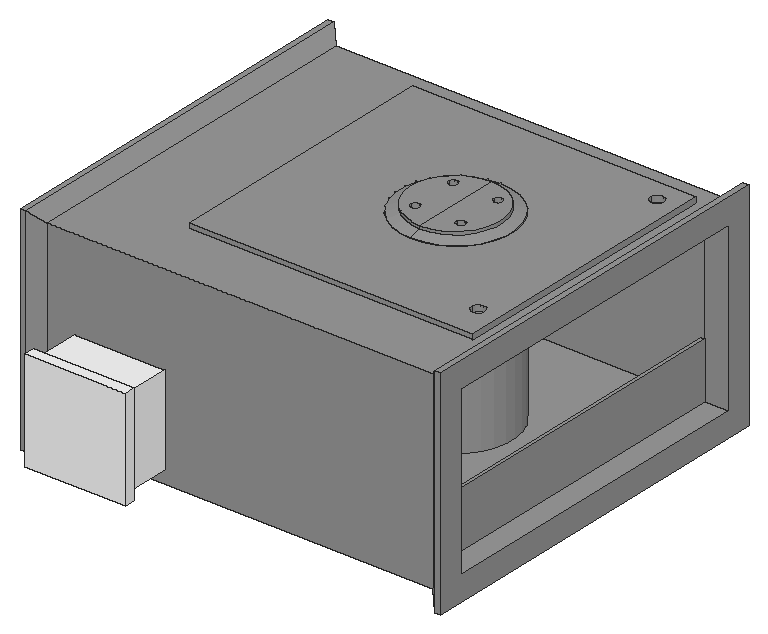
Revit family "RKB 300X150 B1 EC_7470021", category Mechanical Equipment, Revit 2014
Parameters (values of type "RKB 300X150 B1 EC")
  Wiring diagram = "4040143"
  Width = 375 mm
  Weight = 6.50 kg
  Voltage range = "200-240 V"
  Voltage = 230 V
  Speed = "3700 rpm"
  Sound pressure level at 3 m = "50 dB(A)"
  Power = 113 W
  Phase = 1
  Max. temperature of transported air when speed controlled = 60 °C
  Max. temperature of transported air = 60 °C
  Main Material = Steel, Galvanized
  Height = 193 mm
  Frequency = 50 Hz
  Elevation [instance] = 2600 mm
  Description = "UNINSULATED DUCT FANS WITH RECTANGULAR CONNECTIONS"
  Depth = 343 mm
  Current = 0.9 A
  Connector Height = 150 mm
  Connector Width = 300 mm
  Capacitor = "- μF"
Reference planes
  plane 1 "Center (Front/Back)": y = 0
  plane 2: z = 0
  plane 3 "Center (Left/Right)": x = 0
  plane 4: x = -187.5
  plane 5: x = 187.5
  plane 6: y = 171.5
  plane 7: y = -171.5
  plane 8: z = 2600
  plane 9: z = 2793
Dimensions and locks
  equal spacing: plane 4, plane 3 "Center (Left/Right)", plane 5
  "Width": plane 4 to plane 5
  equal spacing: plane 6, plane 1 "Center (Front/Back)", plane 7
  "Depth": plane 6 to plane 7
  "Elevation": plane 8 to level
  "Height": plane 9 to plane 8
  aligned and locked: level to plane 2
  aligned and locked: nested 1 to plane 1 "Center (Front/Back)"
  aligned and locked: plane 1 "Center (Front/Back)" to nested 2
  aligned and locked: plane 3 "Center (Left/Right)" to nested 2
  aligned and locked: nested 2 to plane 8
  aligned and locked: plane 3 "Center (Left/Right)" to nested 1
Nested families
  nested 1: "Flow direction symbol" at (0, 0, 0), type "Flow direction symbol"
  nested 2: "RKB" at (0, 0, 2600), type "RKB"
Connectors
  hvac at (-187.5, 0, 2696.5), driven by "Connector Height", driven by "Connector Width"
    settings: on nested 2, index 1, duct flow 0.0 L/s, flow factor 0, pres drop 0.0 Pa, loss coef 0, conn angle 0.00°, conn width 300 mm, conn height 150 mm, conn diameter 609.6 mm, duct sys type 1, conn prof type 1, flow config 0, flow direction 1, loss method 0, conn ref index -1, conn util no, is conn primary yes, conn desc ""
  hvac at (187.5, 0, 2696.5), driven by "Connector Height", driven by "Connector Width"
    settings: on nested 2, index 2, duct flow 0.0 L/s, flow factor 0, pres drop 0.0 Pa, loss coef 0, conn angle 0.00°, conn width 300 mm, conn height 150 mm, conn diameter 609.6 mm, duct sys type 3, conn prof type 1, flow config 0, flow direction 2, loss method 0, conn ref index -1, conn util no, is conn primary no, conn desc ""
  electrical at (-107.218, -211, 2661.5), driven by "Phase", driven by "Voltage", driven by "Power"
    settings: on nested 2, index 3, voltage 230 V, apparent load 0 VA, apparent load phase1 113 VA, apparent load phase2 0 VA, apparent load phase3 0 VA, power factor 1, load classification "HVAC", number of poles 1, system type 31, power factor state 1, is connector primary yes, connector utility no, sub classification motor no, connector description ""
Definition of nested family "RKB"
  Parameters (values of type "RKB")
    Width = 375 mm
    Main Material = Steel, Galvanized
    Height = 193 mm
    Description = ""
    Depth = 343 mm
    Connector Width = 300 mm
    Connector Heigth = 150 mm
  Reference planes
    plane 1 "Center (Front/Back)": y = 0
    plane 2: z = 0
    plane 3 "Center (Left/Right)": x = 0
    plane 4: x = -187.5
    plane 5: x = 187.5
    plane 6: y = 171.5
    plane 7: y = -171.5
    plane 8: z = 193
    plane 9: z = 119
    plane 10: x = 80.282
    plane 11: x = -107.218
    plane 12: z = 96.5
    plane 13: z = 171.5
    plane 14: z = 21.5
    plane 15: y = 150
    plane 16: y = -150
    plane 17: z = 61.5
    plane 18: x = 44.483
    plane 19: y = 24.017
  Forms (mm)
    Sweep 1, solid, material "Steel, Galvanized" <- "Main Material", detail levels medium+fine
      path origin (-187.5, 864.407, 1200) x (0, 1, 0) y (0, 0, 1)
        loop
          line (-692.907, -1200) -> (-692.907, -1007) -> (-1035.907, -1007) -> (-1035.907, -1200) -> (-692.907, -1200)
      profile origin (-187.5, 171.5, 96.5) x (0, -1, 0) y (1, 0, 0)
        loop
          line (22.203, 21.231) -> (16.231, 21.231) -> (0, 5) -> (0, 0) -> (22.203, 0) -> (22.203, 21.231)
    Sweep 2, solid, material "Steel, Galvanized" <- "Main Material", detail levels medium+fine
      path origin (187.5, 864.407, 1200) x (0, 1, 0) y (0, 0, 1)
        loop
          line (-692.907, -1200) -> (-692.907, -1007) -> (-1035.907, -1007) -> (-1035.907, -1200) -> (-692.907, -1200)
      profile origin (187.5, 171.5, 96.5) x (0, -1, 0) y (1, 0, 0)
        loop
          line (22.203, -21.231) -> (22.203, 0) -> (0, 0) -> (0, -5) -> (16.231, -21.231) -> (22.203, -21.231)
    Sweep 3, solid, material "Steel, Galvanized" <- "Main Material", detail levels medium+fine
      path origin (0, 0, 0) x (1, 0, 0) y (0, 1, 0)
        loop
          line (-187.5, 0) -> (187.5, 0)
      profile origin (0, 0, 0) x (0, 1, 0) y (0, 0, 1)
        loop
          line (150, 171.5) -> (-150, 171.5) -> (-150, 21.5) -> (150, 21.5) -> (150, 171.5)
        loop
          line (-161, 182.5) -> (-161, 10.5) -> (161, 10.5) -> (161, 182.5) -> (-161, 182.5)
    Revolve 4, solid, material "Steel, Galvanized" <- "Main Material", detail levels medium+fine
      sketch origin (44.843, 8.187, 1201.555) x (0, -1, 0) y (0, 0, 1)
        loop
          line (-15.321, -1182.297) -> (-15.321, -1008.555) -> (-55.321, -1008.555) -> (-55.321, -1011.183) -> (-65.321, -1014.421) -> (-65.321, -1182.297) -> (-15.321, -1182.297)
        axis (-15.321, -1008.555) -> (-15.321, -1182.297)
      angle from 0 to 360
    Sweep 5, void
      path origin (43.109, 35, 1200) x (-1, 0, 0) y (0, 0, 1)
        loop
          line (-1.25, -1029.203) -> (-1.25, -979.203)
      profile origin (44.359, 35, 195.797) x (1, 0, 0) y (0, 1, 0)
        loop
          circle (21.111, 10.128) r 4
        loop
          circle (-18.886, 10.128) r 4
        loop
          circle (21.114, -31.521) r 4
        loop
          circle (-19.222, -31.862) r 4
        loop
          circle (100.39, -111.131) r 6
        loop
          circle (100.39, 88.32) r 6
    Sweep 6, solid, material "Steel, Galvanized" <- "Main Material", detail levels coarse
      path origin (0, 0, 0) x (1, 0, 0) y (0, 1, 0)
        loop
          line (-187.5, 0) -> (187.5, 0)
      profile origin (0, 0, 0) x (0, 1, 0) y (0, 0, 1)
        loop
          line (171.5, 193) -> (-171.5, 193) -> (-171.5, 0) -> (171.5, 0) -> (171.5, 193)
    Sweep 7, solid, material "Steel, Galvanized" <- "Main Material", detail levels medium+fine
      path origin (0, 0, 0) x (0, 1, 0) y (0, 0, 1)
        loop
          line (149.297, 22.203) -> (149.297, 72.203)
      profile origin (0, 149.297, 47.203) x (0, -1, 0) y (1, 0, 0)
        loop
          line (0, -166.269) -> (298.595, -166.269) -> (298.595, -163.269) -> (0, -163.269) -> (0, -166.269)
        loop
          line (0, 166.269) -> (0, 163.269) -> (298.595, 163.269) -> (298.595, 166.269) -> (0, 166.269)
    Sweep 8, solid, material "Plastic", detail levels medium+fine
      path origin (0, -5.731, -156.959) x (1, 0, 0) y (0, 1, 0)
        loop
          line (-107.218, -155.269) -> (-107.218, -195.269)
      profile origin (-107.218, -181, -156.959) x (1, 0, 0) y (0, 0, 1)
        loop
          line (-40, 178.459) -> (40, 178.459) -> (40, 258.459) -> (-40, 258.459) -> (-40, 178.459)
    Sweep 9, solid, material "Plastic", detail levels medium+fine
      path origin (0, -5.731, 0) x (1, 0, 0) y (0, 1, 0)
        loop
          line (-107.218, -195.269) -> (-107.218, -205.269)
      profile origin (-107.218, -206, 0) x (1, 0, 0) y (0, 0, 1)
        loop
          line (-45, 106.5) -> (-45, 16.5) -> (45, 16.5) -> (45, 106.5) -> (-45, 106.5)
    Extrusion 10, solid, material "Steel, Galvanized" <- "Main Material"
      sketch origin (0, 0, 0) x (0, 1, 0) y (0, 0, 1)
        loop
          line (143.044, 181.269) -> (143.044, 187.135) -> (-105, 187.135) -> (-105, 181.269) -> (143.044, 181.269)
      from -89.23 to 163.269
  Cuts and joins
    joined: Sweep 1, Sweep 2, Sweep 3
    Sweep 5 cuts Revolve 4
    Sweep 5 cuts Extrusion 10
  Dimensions and locks
    equal spacing: plane 4, plane 3 "Center (Left/Right)", plane 5
    "Width": plane 4 to plane 5
    equal spacing: plane 6, plane 1 "Center (Front/Back)", plane 7
    "Depth": plane 6 to plane 7
    "Height": plane 8 to level
    Sweep 5 sketch curve to plane 8 to Sweep 5 sketch curve = 27.797 mm locked, 22.203 mm locked
    locked: Sweep 7 sketch curve to plane 2 at 22.203
    Sweep 7 sketch curve to Sweep 7 sketch curve = 50 mm
    locked: plane 6 to Sweep 7 sketch curve at 22.203  (x2)
    locked: plane 4 to Sweep 7 sketch curve at 21.231
    locked: Sweep 7 sketch curve to Sweep 7 sketch curve at 3  (x2)
    locked: Sweep 7 sketch curve to plane 7 at 22.203  (x2)
    locked: Sweep 7 sketch curve to plane 6 at 22.203
    locked: Sweep 7 sketch curve to plane 5 at 21.231
    Sweep 8 sketch curve to plane 7 to Sweep 8 sketch curve = 10.5 mm, 29.5 mm
    plane 7 to Sweep 9 sketch curve to Sweep 9 sketch curve = 29.5 mm, 10 mm locked
    equal spacing: plane 8, plane 12, plane 2
    "Connector Heigth": plane 13 to plane 14
    equal spacing: plane 13, plane 12, plane 14
    "Connector Width": plane 15 to plane 16
    equal spacing: plane 15, plane 1 "Center (Front/Back)", plane 16
    aligned and locked: level to plane 2
    aligned and locked: Sweep 1 sketch curve to plane 6
    aligned and locked: plane 7 to Sweep 1 sketch curve
    aligned and locked: plane 2 to Sweep 1 sketch curve
    aligned and locked: Sweep 1 sketch curve to plane 8
    aligned and locked: Sweep 2 sketch curve to plane 8
    aligned and locked: plane 2 to Sweep 2 sketch curve
    aligned and locked: plane 7 to Sweep 2 sketch curve
    aligned and locked: Sweep 2 sketch curve to plane 6
    aligned and locked: plane 1 "Center (Front/Back)" to Sweep 3 sketch curve
    aligned and locked: plane 1 "Center (Front/Back)" to Sweep 6 sketch curve
    aligned and locked: plane 2 to Sweep 6 sketch curve
    aligned and locked: plane 7 to Sweep 6 sketch curve
    aligned and locked: Sweep 6 sketch curve to plane 6
    aligned and locked: Sweep 6 sketch curve to plane 8
    aligned and locked: plane 11 to Sweep 8 sketch curve
    aligned and locked: plane 11 to Sweep 9 sketch curve
    aligned and locked: plane 14 to Sweep 3 sketch curve
    aligned and locked: plane 16 to Sweep 3 sketch curve
    aligned and locked: Sweep 3 sketch curve to plane 13
    aligned and locked: Sweep 3 sketch curve to plane 15
    aligned and locked: Sweep 8 to plane 14
  Automatic sketch dimensions
    Sweep 1 sketch curve to profile plane = 0 mm
    Sweep 1 sketch curve to plane 4 = 0 mm
    Sweep 1 sketch curve to profile plane = 16.231 mm
    Sweep 1 sketch curve to Sweep 1 sketch curve = 5.972 mm
    plane 4 to Sweep 1 sketch curve = 5 mm
    plane 4 to Sweep 1 sketch curve = 21.231 mm
    Sweep 2 sketch curve to profile plane = 0 mm
    Sweep 2 sketch curve to plane 5 = 0 mm
    Sweep 2 sketch curve to profile plane = 16.231 mm
    Sweep 2 sketch curve to Sweep 2 sketch curve = 5.972 mm
    Sweep 2 sketch curve to Sweep 2 sketch curve = 5 mm
    Sweep 2 sketch curve to Sweep 2 sketch curve = 21.231 mm
    Sweep 3 sketch curve to plane 4 = 0 mm
    Sweep 3 sketch curve to plane 5 = 0 mm
    Sweep 6 sketch curve to plane 4 = 0 mm
    Sweep 6 sketch curve to plane 5 = 0 mm
    profile plane to Sweep 8 sketch curve = 40 mm
    Sweep 8 sketch curve to profile plane = 40 mm
    level to Sweep 8 sketch curve = 21.5 mm
    Sweep 8 sketch curve to Sweep 8 sketch curve = 80 mm
    profile plane to Sweep 9 sketch curve = 45 mm
    Sweep 9 sketch curve to profile plane = 45 mm
    level to Sweep 9 sketch curve = 16.5 mm
    Sweep 9 sketch curve to Sweep 9 sketch curve = 90 mm
    plane 10 to Sweep 5 sketch curve = 35.923 mm
    profile plane to Sweep 5 sketch curve = 18.886 mm
    Sweep 5 sketch curve to profile plane = 21.111 mm
    Sweep 5 sketch curve to profile plane = 100.39 mm  (x2)
    profile plane to Sweep 5 sketch curve = 19.222 mm
    Sweep 5 sketch curve to profile plane = 21.114 mm
    Sweep 5 sketch curve to profile plane = 111.131 mm
    Sweep 5 sketch curve to profile plane = 31.862 mm
    profile plane to Sweep 5 sketch curve = 10.128 mm  (x2)
    profile plane to Sweep 5 sketch curve = 88.32 mm
    plane 13 to Extrusion 10 sketch curve = 9.769 mm
    plane 16 to Extrusion 10 sketch curve = 45 mm
    Extrusion 10 sketch curve to plane 15 = 6.956 mm
    Extrusion 10 sketch curve to plane 8 = 5.865 mm
    level to Sweep 3 sketch curve = 10.5 mm
    Sweep 3 sketch curve to Sweep 3 sketch curve = 11 mm  (x3)
    Sweep 5 sketch curve to profile plane = 31.521 mm
    Revolve 4 sketch curve to plane 8 = 0 mm
    Revolve 4 sketch curve to plane 8 = 5.865 mm
    Revolve 4 sketch curve to plane 19 = 49.491 mm
    Revolve 4 sketch curve to plane 8 = 2.628 mm
    Revolve 4 sketch curve to Revolve 4 sketch curve = 10 mm
    plane 19 to Revolve 4 sketch curve = 0.509 mm  (x2)
    Revolve 4 sketch curve to plane 14 = 2.242 mm
    plane 13 to Revolve 4 sketch curve = 6.243 mm
    Revolve 4 sketch curve to Revolve 4 sketch curve = 0 mm
    radius of Sweep 5 sketch curve = 4 mm  (x4)
    radius of Sweep 5 sketch curve = 6 mm  (x2)
Definition of nested family "Flow direction symbol"
  Parameters (values of type "Flow direction symbol")
    Warning = "!"
    Text = "DIMENSIONS OVERCONSTRAINT"
  Reference planes
    plane 1: y = 0
    plane 2: x = 0
  Lines and regions (mm)
    detail lines
      curve 1: line (-0.506, 0.877, 0) -> (-0.506, -0.877, 0)
      curve 2: line (1.012, 0, 0) -> (-0.506, -0.877, 0)
      curve 3: line (-0.506, 0.877, 0) -> (1.012, 0, 0)
      curve 4: circle (0, 0, 0) r 1 normal (0, 0, 1)
